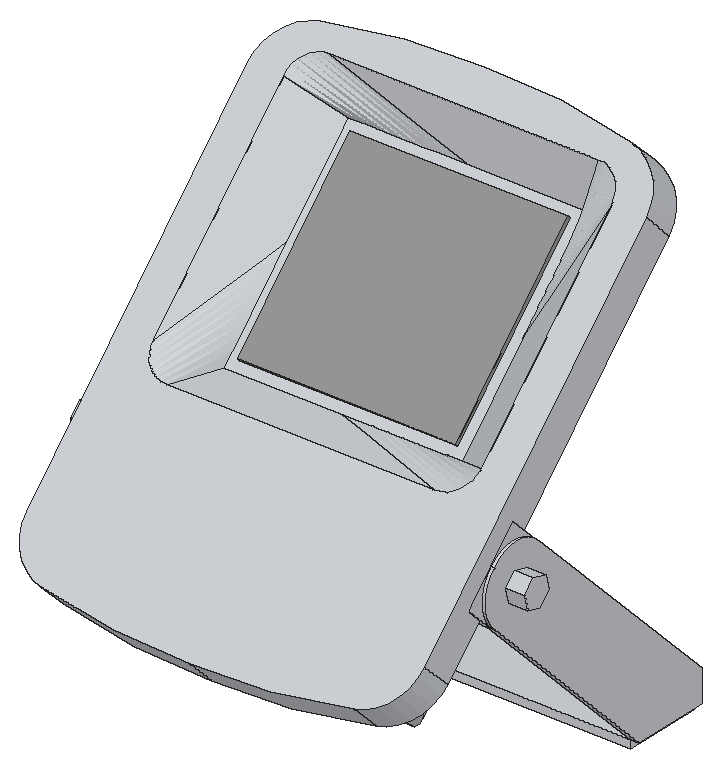
Revit family "0056701", category Generic Models, host Face, Revit 2018
Family settings
  Host = Face
  Can host rebar = No
  Round Connector Dimension = Use Diameter
  Part Type = Normal
  OmniClass Number = 23.80.70.00
  OmniClass Title = Lighting
  Cut with Voids When Loaded = No
  Shared = No
  Room Calculation Point = No
Parameters (values of type "Type Name")
  bracket length = 203 mm
  Width = 40 mm
  URL = "http://www.sylvania-lighting.com"
  Type Image = <None>
  Type Comments = "n/a"
  Material_3_SYL = none
  Model = ""
  Manufacturer = "Feilo Sylvania"
  Length = 231 mm
  Keynote = ""
  Material_2_SYL = none
  Description = ""
  Default Elevation = 1219.2 mm
  Cost = 0
  Material_1_SYL = none
  Assembly Code = ""
  Material_4_SYL = none
Reference planes
  plane 1 "Center (Front/Back)": y = 0
  plane 2: z = 0
  plane 3 "Center (Left/Right)": x = 0
  plane 4: y = 20
  plane 5: y = -20
  plane 6: x = -115.5
  plane 7: x = 115.5
  plane 8: y = 46
  plane 9: z = 200
  plane 10: through (0, -20, 4) normal (0, 0.7071, 0.7071)
  plane 11: through (0, 28.284, 12.284) normal (0, 0.7071, 0.7071)
  plane 12: z = 180
  plane 13: through (0, 7.834, 4.45) normal (0, 0.7071, 0.7071)
  plane 14: through (0, -70.356, 137.359) normal (0, -0.7071, 0.7071)
  plane 15: z = 126
  plane 16: z = 110
  plane 17: through (0, -97.716, 110) normal (0, -0.7071, 0.7071)
  plane 18: through (0, -86.18, 149.82) normal (0, -0.7071, 0.7071)
  plane 19: x = -101.5
  plane 20: x = 101.5
Forms (mm)
  Extrusion 1, solid, detail levels medium+fine
    sketch origin (0, 0, 0) x (1, 0, 0) y (0, 1, 0)
      loop
        line (-97.548, 20) -> (-97.548, -20) -> (101.491, -20) -> (101.491, 20) -> (-97.548, 20)
    from 0 to 4
  Extrusion 2, solid, detail levels medium+fine
    sketch origin (25.482, 1524, 1219.2) x (0, 1, 0) y (0, 0, 1)
      loop
        arc (-1607.574, -1095.058) -> (-1621.716, -1089.2) -> (-1635.858, -1095.058) r 20
        arc (-1635.858, -1095.058) -> (-1641.716, -1109.2) -> (-1635.858, -1123.342) r 20
        line (-1635.858, -1123.342) -> (-1544, -1215.2) -> (-1504, -1215.2) -> (-1504, -1198.631) -> (-1607.574, -1095.058)
    from -123.03 to -126.982
  Extrusion 3, solid, detail levels fine
    sketch origin (-37.5, 1594, 1149.2) x (0, 1, 0) y (0, 0, 1)
      loop
        line (-1686.059, -1033.543) -> (-1693.786, -1031.473) -> (-1699.443, -1037.129) -> (-1697.373, -1044.857) -> (-1689.645, -1046.927) -> (-1683.988, -1041.271) -> (-1686.059, -1033.543)
    from -78 to -64
  Revolve 4, solid, detail levels medium
    sketch origin (1528.249, -97.584, 1149.178) x (1, 0, 0) y (0, 0, 1)
      loop
        line (-1426.757, -1019.2) -> (-1428.444, -1019.2) -> (-1428.444, -1039.2) -> (-1426.757, -1039.2) -> (-1426.757, -1019.2)
      axis (-1428.444, -1039.2) -> (-1426.757, -1039.2)
    angle from 44.553 to 224.921
  Extrusion 5, solid, detail levels medium+fine
    sketch origin (319, 1524, 1219.2) x (0, 1, 0) y (0, 0, 1)
      loop
        arc (-1607.574, -1095.058) -> (-1621.716, -1089.2) -> (-1635.858, -1095.058) r 20
        arc (-1635.858, -1095.058) -> (-1641.716, -1109.2) -> (-1635.858, -1123.342) r 20
        line (-1635.858, -1123.342) -> (-1544, -1215.2) -> (-1504, -1215.2) -> (-1504, -1198.631) -> (-1607.574, -1095.058)
    from -217.509 to -213.509
  Extrusion 6, solid, detail levels fine
    sketch origin (286.5, 1594, 1149.2) x (0, 1, 0) y (0, 0, 1)
      loop
        line (-1686.059, -1033.543) -> (-1693.786, -1031.473) -> (-1699.443, -1037.129) -> (-1697.373, -1044.857) -> (-1689.645, -1046.927) -> (-1683.988, -1041.271) -> (-1686.059, -1033.543)
    from -181.009 to -171
  Extrusion 7, solid, detail levels coarse
    sketch origin (0, 0, 0) x (1, 0, 0) y (0, 1, 0)
      loop
        line (-115.5, 20) -> (-115.5, -117.774) -> (115.5, -117.774) -> (115.5, 20) -> (-115.5, 20)
    from 0 to 129.969
Dimensions and locks
  "Width": plane 4 to plane 5
  equal spacing: plane 4, plane 1 "Center (Front/Back)", plane 5
  "Length": plane 6 to plane 7
  equal spacing: plane 6, plane 3 "Center (Left/Right)", plane 7
  "bracket length": plane 19 to plane 20
  equal spacing: plane 19, plane 3 "Center (Left/Right)", plane 20
  aligned and locked: plane 2 to host face
  aligned and locked: level to host face
Automatic sketch dimensions
  host sketch curve to host sketch curve = 2438.4 mm  (x2)
  Extrusion 1 sketch curve to plane 5 = 0 mm
  plane 6 to Extrusion 1 sketch curve = 17.952 mm
  Extrusion 1 sketch curve to plane 7 = 14.009 mm
  Extrusion 1 sketch curve to plane 4 = 0 mm
  Extrusion 2 sketch curve to Extrusion 2 sketch curve = 0 mm  (x2)
  Extrusion 2 sketch curve to plane 10 = 0 mm  (x2)
  Extrusion 2 sketch curve to plane 14 = 0 mm  (x2)
  Extrusion 2 sketch curve to plane 13 = 0 mm  (x2)
  Extrusion 2 sketch curve to plane 18 = 0 mm
  Extrusion 2 sketch curve to plane 5 = 0 mm
  Extrusion 2 sketch curve to plane 4 = 0 mm
  Extrusion 2 sketch curve to plane 11 = 0 mm
  Extrusion 3 sketch curve to plane 14 = 0 mm  (x2)
  plane 16 to Extrusion 3 sketch curve = 2.071 mm
  Extrusion 3 sketch curve to plane 5 = 85.443 mm
  Extrusion 3 sketch curve to plane 16 = 5.657 mm
  plane 16 to Extrusion 3 sketch curve = 7.727 mm
  Extrusion 3 sketch curve to Extrusion 3 sketch curve = 5.657 mm
  Extrusion 3 sketch curve to plane 16 = 7.727 mm
  Extrusion 3 sketch curve to Extrusion 3 sketch curve = 7.727 mm
  plane 16 to Extrusion 3 sketch curve = 5.657 mm
  Extrusion 3 sketch curve to plane 16 = 2.071 mm
  Extrusion 3 sketch curve to Extrusion 3 sketch curve = 2.071 mm
  Revolve 4 sketch curve to plane 7 = 15.696 mm
  Revolve 4 sketch curve to Revolve 4 sketch curve = 1.687 mm
  Revolve 4 sketch curve to plane 12 = 70.022 mm  (x2)
  Revolve 4 sketch curve to plane 9 = 70.022 mm
  Revolve 4 sketch curve to Revolve 4 sketch curve = 8.585 mm
  plane 7 to Revolve 4 sketch curve = 24.576 mm
  Extrusion 5 sketch curve to Extrusion 5 sketch curve = 0 mm  (x2)
  Extrusion 5 sketch curve to plane 10 = 0 mm  (x2)
  Extrusion 5 sketch curve to plane 14 = 0 mm  (x2)
  Extrusion 5 sketch curve to plane 13 = 0 mm  (x2)
  Extrusion 5 sketch curve to plane 18 = 0 mm
  Extrusion 5 sketch curve to plane 5 = 0 mm
  Extrusion 5 sketch curve to plane 4 = 0 mm
  Extrusion 5 sketch curve to plane 11 = 0 mm
  Extrusion 6 sketch curve to plane 14 = 0 mm  (x2)
  plane 16 to Extrusion 6 sketch curve = 2.071 mm
  Extrusion 6 sketch curve to plane 5 = 85.443 mm
  Extrusion 6 sketch curve to plane 16 = 5.657 mm
  plane 16 to Extrusion 6 sketch curve = 7.727 mm
  Extrusion 6 sketch curve to Extrusion 6 sketch curve = 5.657 mm
  Extrusion 6 sketch curve to plane 16 = 7.727 mm
  Extrusion 6 sketch curve to Extrusion 6 sketch curve = 7.727 mm
  plane 16 to Extrusion 6 sketch curve = 5.657 mm
  Extrusion 6 sketch curve to plane 16 = 2.071 mm
  Extrusion 6 sketch curve to Extrusion 6 sketch curve = 2.071 mm
  plane 6 to Extrusion 7 sketch curve = 0 mm
  Extrusion 7 sketch curve to plane 7 = 0 mm
  Extrusion 7 sketch curve to plane 4 = 0 mm
  Extrusion 7 sketch curve to plane 5 = 97.774 mm
Nested families
  nested 1: "56701 head" at (1.995, -61.619, 146.508) x (-1, 0, 0) z (0, -0.7126, 0.7016), type "0056701 KALANI IP66 7KLM 830 ASYM"
    with built-in parameter 1114216 (empty or 0)
Definition of nested family "56701 head"
  Parameters (values of type "0056701 KALANI IP66 7KLM 830 ASYM")
    length = 267 mm
    height = 68 mm
    Width = 203 mm
    Wattage Comments = "n/a"
    Wattage = 9.2903 W
    built-in parameter 1150110 = 1 (stored number, unit not read)
    URL = "0.95"
    Type Image = (empty or 0)
    Type Comments = "n/a"
    built-in parameter 1114217 = 1 (stored number, unit not read)
    Tilt Angle = 90.00°
    built-in parameter 1150109 = 1 (stored number, unit not read)
    built-in parameter 1150134 = 3
    built-in parameter 1150113 = 1 (stored number, unit not read)
    Photometric Web File = "0056701.IES"
    Material_3_SYL = none
    Model = "Kalani IP66 7KLM 830 ASYM"
    Manufacturer = ""
    built-in parameter 1150105 = 109.82 (stored number, unit not read)
    Lumens = 1380 lm
    built-in parameter 1150115 = 1 (stored number, unit not read)
    built-in parameter 1150137 = (empty or 0)
    built-in parameter 1150139 = (empty or 0)
    built-in parameter 1150112 = 1 (stored number, unit not read)
    built-in parameter 1150114 = 1 (stored number, unit not read)
    Lamp = "n/a"
    Keynote = "n/a"
    Material_2_SYL = none
    built-in parameter 1150132 = (empty or 0)
    built-in parameter 1150102 = (empty or 0)
    built-in parameter 1150107 = 3200 (stored number, unit not read)
    built-in parameter 1150138 = (empty or 0)
    built-in parameter 1150106 = 1.0982 (stored number, unit not read)
    Emit from Circle Diameter = 609.6 mm
    Emit Shape Visible in Rendering = no
    built-in parameter 1150104 = 13.8 (stored number, unit not read)
    Dimming Lamp Color Temperature Shift = (empty or 0)
    Description = "Exterior LED Floodlight, comes complete with 1000mm flying lead and adjustable bracket, aluminium housing, clear glass diffuser, IP66, IK08, Class I, 3000K, CRI80, Non-dimmable, 6900lm, 51W, 135lm/W, Asymmetrical Wide beam, 100.000hrs L70B50 lifespan, 330 x 231 x 68mm (LxWxD) dimensions, 2.1kg weight, RAL9017 Traffic Black color."
    Default Elevation = 1219.2 mm
    Cost = 0
    Color Filter = 16777215
    built-in parameter 1114216 [instance] = (empty or 0)
    Material_1_SYL = none
    built-in parameter 1114218 = 1 (stored number, unit not read)
    built-in parameter 1150133 = 10 (stored number, unit not read)
    Assembly Code = "D5020200"
    Apparent Load = 51 VA
    Material_4_SYL = none
  Reference planes
    plane 1 "Center (Front/Back)": y = 0
    plane 2: z = 0
    plane 3 "Center (Left/Right)": x = 0
    plane 4: z = 30
    plane 5: x = -101.5
    plane 6: x = 101.5
    plane 7: y = 133.5
    plane 8: y = -133.5
    plane 9: y = 126.5
    plane 10: x = -79.5
    plane 11: y = 100.5
    plane 12: z = -38
    plane 13: y = 115.5
    plane 14: x = -83.5
    plane 15: x = 83.5
    plane 16: x = -68.5
    plane 17: z = -17.627
    plane 18: z = -29.097
    plane 19: x = 79.5
    plane 20: x = -32.747
    plane 21: x = 32.7
    plane 22: y = -115.5
    plane 23: x = 83.5
    plane 24: x = -83.5
    plane 25: y = 32.5
    plane 26: y = 14.5
    plane 27: x = -60.5
    plane 28: x = 60.5
    plane 29: y = -97.5
    plane 30: y = 17.5
    plane 31: y = -41.5
    plane 32: y = 9.5
    plane 33: x = -55.5
    plane 34: x = 55.5
    plane 35: y = -92.5
    plane 36: z = 20
    plane 37: y = 51.5
    plane 38: y = 71.5
    plane 39: y = 31.5
    plane 40: z = -18
  Forms (mm)
    Extrusion 1, solid
      sketch origin (4.2, 0, 0) x (1, 0, 0) y (0, 1, 0)
        loop
          line (-1219.2, 1219.2) -> (-1219.2, -1219.2) -> (1219.2, -1219.2) -> (1219.2, 1219.2) -> (-1219.2, 1219.2)
      from 0 to -68.017
    Extrusion 2, solid, detail levels medium+fine
      sketch origin (0, 0, 0) x (1, 0, 0) y (0, 1, 0)
        loop
          arc (0, 133.5) -> (-39.943, 132.193) -> (-79.5, 126.5) r 362.813
          arc (-79.5, 126.5) -> (-95.029, 117.332) -> (-101.5, 100.5) r 27.406
          line (-101.5, 100.5) -> (-101.5, -100.5)
          arc (-101.5, -100.5) -> (-95.029, -117.332) -> (-79.5, -126.5) r 27.406
          arc (-79.5, -126.5) -> (-39.943, -132.193) -> (0, -133.5) r 362.813
          arc (0, -133.5) -> (39.943, -132.193) -> (79.5, -126.5) r 362.813
          arc (79.5, -126.5) -> (95.029, -117.332) -> (101.5, -100.5) r 27.406
          line (101.5, -100.5) -> (101.5, 100.5)
          arc (101.5, 100.5) -> (95.029, 117.332) -> (79.5, 126.5) r 27.406
          arc (79.5, 126.5) -> (39.943, 132.193) -> (0, 133.5) r 362.813
      from 30 to 10
    Extrusion 3, solid
      sketch origin (0, 0, 0) x (1, 0, 0) y (0, 1, 0)
        loop
          line (-83.5, 100.5) -> (-83.5, 0.341) -> (-83.5, -99.817)
          arc (-83.5, -99.817) -> (-79.107, -110.424) -> (-68.5, -114.817) r 15
          line (-68.5, -114.817) -> (0, -114.817) -> (68.5, -114.817)
          arc (68.5, -114.817) -> (79.107, -110.424) -> (83.5, -99.817) r 15
          line (83.5, -99.817) -> (83.5, 0.341) -> (83.5, 100.5)
          arc (83.5, 100.5) -> (79.107, 111.107) -> (68.5, 115.5) r 15
          line (68.5, 115.5) -> (0, 115.5) -> (-68.5, 115.5)
          arc (-68.5, 115.5) -> (-79.107, 111.107) -> (-83.5, 100.5) r 15
      from -38 to 10
    Extrusion 4, void, detail levels medium+fine
      sketch origin (0, 0, 0) x (0, 1, 0) y (0, 0, 1)
        loop
          line (-114.817, 10) -> (-119.5, 10) -> (-119.5, -45) -> (120.5, -45) -> (120.5, 10) -> (115.5, 10) -> (115.5, -23)
          arc (115.5, -23) -> (111.107, -33.607) -> (100.5, -38) r 15
          arc (100.5, -38) -> (7.342, -26.72) -> (-84.506, -7.5) r 1094.362
          arc (-84.506, -7.5) -> (-100.87, -0.843) -> (-114.817, 10) r 64.575
      from -96.169 to 98.305
    Extrusion 5, void
      sketch origin (0, 0, 0) x (1, 0, 0) y (0, 0, 1)
        loop
          arc (-68.5, -29.076) -> (-76.864, -21.997) -> (-81.364, -12.005) r 24.817
          arc (-81.364, -12.005) -> (-83.004, -1.058) -> (-83.5, 10) r 106.706
          line (-83.5, 10) -> (-88.5, 10) -> (-88.5, -42.228) -> (-32.747, -42.228) -> (-32.747, -38)
          arc (-32.747, -38) -> (-51.151, -35.65) -> (-68.5, -29.076) r 79.063
      from -197.298 to 143.969
    Extrusion 6, void
      sketch origin (0, 0, 0) x (1, 0, 0) y (0, 0, 1)
        loop
          line (32.7, -38) -> (32.7, -42.67) -> (88.5, -42.67) -> (88.5, 10) -> (83.5, 10)
          arc (83.5, 10) -> (82.642, -3.979) -> (79.5, -17.627) r 84.98
          arc (79.5, -17.627) -> (74.94, -24.255) -> (68.5, -29.076) r 24.816
          arc (68.5, -29.076) -> (51.128, -35.656) -> (32.7, -38) r 79.067
      from -197.298 to 143.969
    Blend 7, void
      base sketch origin (0, 0, 0) x (1, 0, 0) y (0, 1, 0)
        loop
          line (-83.5, 17.5) -> (-83.5, -100.5)
          arc (-83.5, -100.5) -> (-79.107, -111.107) -> (-68.5, -115.5) r 15
          line (-68.5, -115.5) -> (68.5, -115.5)
          arc (68.5, -115.5) -> (79.107, -111.107) -> (83.5, -100.5) r 15
          line (83.5, -100.5) -> (83.5, 17.5)
          arc (83.5, 17.5) -> (79.107, 28.107) -> (68.5, 32.5) r 15
          line (68.5, 32.5) -> (-68.5, 32.5)
          arc (-68.5, 32.5) -> (-79.107, 28.107) -> (-83.5, 17.5) r 15
      top sketch origin (0, 0, 0) x (1, 0, 0) y (0, 1, 0)
        loop
          line (-60.5, 14.5) -> (-60.5, -41.5) -> (-60.5, -97.5) -> (0, -97.5) -> (60.5, -97.5) -> (60.5, -41.5) -> (60.5, 14.5) -> (0, 14.5) -> (-60.5, 14.5)
      from 30 to 10
    Extrusion 8, solid, detail levels fine
      sketch origin (0, 0, 0) x (1, 0, 0) y (0, 1, 0)
        loop
          line (-55.5, 9.5) -> (-55.5, -92.5) -> (55.5, -92.5) -> (55.5, 9.5) -> (-55.5, 9.5)
      from 10 to 12
    Extrusion 9, solid, detail levels medium+fine
      sketch origin (0, 0, 0) x (0, 1, 0) y (0, 0, 1)
        loop
          arc (31.5, 0) -> (37.824, -13.084) -> (51.5, -18) r 19.219
          arc (51.5, -18) -> (64.735, -12.595) -> (71.5, 0) r 21.131
          line (71.5, 0) -> (71.5, 20) -> (31.5, 20) -> (31.5, 0)
      from 101.5 to 97.5
    Extrusion 10, solid
      sketch origin (0, 0, 0) x (0, 1, 0) y (0, 0, 1)
        loop
          arc (43.5, 0) -> (45.843, -5.657) -> (51.5, -8) r 8
          arc (51.5, -8) -> (57.157, -5.657) -> (59.5, 0) r 8
          line (59.5, 0) -> (59.5, 20) -> (43.5, 20) -> (43.5, 0)
      from 79.5 to 97.5
    Extrusion 11, solid, detail levels medium+fine
      sketch origin (0, 0, 0) x (0, 1, 0) y (0, 0, -1)
        loop
          line (31.5, 0) -> (31.5, -20) -> (71.5, -20) -> (71.5, 0)
          arc (71.5, 0) -> (64.735, 12.595) -> (51.5, 18) r 21.131
          arc (51.5, 18) -> (37.824, 13.084) -> (31.5, 0) r 19.219
      from 101.5 to 97.5
    Extrusion 12, solid
      sketch origin (0, 0, 0) x (0, 1, 0) y (0, 0, -1)
        loop
          line (43.5, 0) -> (43.5, -20) -> (59.5, -20) -> (59.5, 0)
          arc (59.5, 0) -> (57.157, 5.657) -> (51.5, 8) r 8
          arc (51.5, 8) -> (45.843, 5.657) -> (43.5, 0) r 8
      from 79.5 to 97.5
    Extrusion 13, solid, detail levels coarse
      sketch origin (1524, -324.9, 1219.2) x (1, 0, 0) y (0, 0, 1)
        loop
          line (-1422.5, -1189.2) -> (-1625.5, -1189.2) -> (-1625.5, -1257.2) -> (-1422.5, -1257.2) -> (-1422.5, -1189.2)
      from -458.4 to -191.4
  Cuts and joins
    Extrusion 4, Extrusion 5, Extrusion 6, Blend 7 cuts Extrusion 2
    Extrusion 4, Extrusion 5, Extrusion 6 cuts Extrusion 3
  Dimensions and locks
    "Width": plane 5 to plane 6
    equal spacing: plane 5, plane 3 "Center (Left/Right)", plane 6
    "length": plane 7 to plane 8
    equal spacing: plane 7, plane 1 "Center (Front/Back)", plane 8
    "height": plane 4 to plane 12
    aligned and locked: plane 2 to Extrusion 1
    aligned and locked: level to Extrusion 1
  Automatic sketch dimensions
    Extrusion 1 sketch curve to Extrusion 1 sketch curve = 2438.4 mm  (x2)
    Extrusion 2 sketch curve to plane 5 = 0 mm
    Extrusion 2 sketch curve to plane 10 = 0 mm  (x3)
    Extrusion 2 sketch curve to plane 9 = 0 mm  (x4)
    Extrusion 2 sketch curve to plane 3 "Center (Left/Right)" = 0 mm  (x2)
    Extrusion 2 sketch curve to plane 19 = 0 mm  (x3)
    Extrusion 2 sketch curve to plane 6 = 0 mm
    Extrusion 2 sketch curve to plane 8 = 0 mm
    plane 11 to Extrusion 2 sketch curve = 0 mm
    Extrusion 2 sketch curve to plane 11 = 0 mm
    Extrusion 2 sketch curve to plane 7 = 0 mm
    plane 10 to Extrusion 2 sketch curve = 5.392 mm
    Extrusion 2 sketch curve to Extrusion 2 sketch curve = 5.392 mm  (x2)
    Extrusion 2 sketch curve to plane 3 "Center (Left/Right)" = 8.12 mm
    plane 3 "Center (Left/Right)" to Extrusion 2 sketch curve = 8.12 mm  (x2)
    Extrusion 2 sketch curve to plane 29 = 3 mm  (x2)
    Extrusion 3 sketch curve to plane 11 = 0 mm
    Extrusion 3 sketch curve to plane 14 = 0 mm
    Extrusion 3 sketch curve to plane 13 = 0 mm
    Extrusion 3 sketch curve to plane 16 = 0 mm
    Extrusion 3 sketch curve to plane 3 "Center (Left/Right)" = 0 mm  (x2)
    plane 11 to Extrusion 3 sketch curve = 0 mm
    Extrusion 3 sketch curve to plane 15 = 0 mm
    plane 22 to Extrusion 3 sketch curve = 0.683 mm
    plane 28 to Extrusion 3 sketch curve = 8 mm
    Extrusion 3 sketch curve to plane 1 "Center (Front/Back)" = 0.341 mm  (x2)
    Extrusion 4 sketch curve to plane 11 = 0 mm
    Extrusion 4 sketch curve to plane 13 = 0 mm
    Extrusion 4 sketch curve to plane 12 = 0 mm
    plane 35 to Extrusion 4 sketch curve = 23.917 mm
    plane 22 to Extrusion 4 sketch curve = 0.683 mm
    Extrusion 4 sketch curve to plane 22 = 4 mm
    Extrusion 4 sketch curve to Extrusion 4 sketch curve = 5 mm
    plane 7 to Extrusion 4 sketch curve = 51.855 mm
    Extrusion 4 sketch curve to plane 12 = 7 mm
    level to Extrusion 4 sketch curve = 10 mm  (x2)
    plane 4 to Extrusion 4 sketch curve = 25.081 mm
    plane 4 to Extrusion 4 sketch curve = 1023.067 mm
    Extrusion 5 sketch curve to plane 14 = 0 mm
    Extrusion 5 sketch curve to plane 16 = 0 mm  (x2)
    plane 20 to Extrusion 5 sketch curve = 0 mm
    Extrusion 5 sketch curve to plane 14 = 5 mm
    Extrusion 5 sketch curve to plane 33 = 1.545 mm
    Extrusion 5 sketch curve to plane 20 = 0.741 mm
    Extrusion 5 sketch curve to plane 21 = 9.496 mm
    Extrusion 5 sketch curve to plane 12 = 4.228 mm
    plane 12 to Extrusion 5 sketch curve = 0 mm
    Extrusion 5 sketch curve to level = 7.062 mm
    level to Extrusion 5 sketch curve = 9.251 mm
    level to Extrusion 5 sketch curve = 10 mm
    Extrusion 6 sketch curve to plane 21 = 0 mm
    Extrusion 6 sketch curve to plane 17 = 0 mm
    Extrusion 6 sketch curve to plane 19 = 0 mm
    Extrusion 6 sketch curve to plane 15 = 0 mm
    Extrusion 6 sketch curve to plane 21 = 0.697 mm
    Extrusion 6 sketch curve to plane 3 "Center (Left/Right)" = 1.461 mm
    plane 34 to Extrusion 6 sketch curve = 1.545 mm
    plane 15 to Extrusion 6 sketch curve = 5 mm
    Extrusion 6 sketch curve to plane 12 = 0 mm
    Extrusion 6 sketch curve to Extrusion 6 sketch curve = 4.67 mm
    Extrusion 6 sketch curve to level = 7.062 mm
    level to Extrusion 6 sketch curve = 8.198 mm
    plane 4 to Extrusion 6 sketch curve = 11.064 mm
    Blend 7 sketch curve to plane 14 = 0 mm
    Blend 7 sketch curve to plane 16 = 0 mm  (x2)
    Blend 7 sketch curve to plane 22 = 0 mm
    Blend 7 sketch curve to plane 25 = 0 mm
    plane 30 to Blend 7 sketch curve = 0 mm
    Blend 7 sketch curve to plane 15 = 0 mm
    Blend 7 sketch curve to plane 29 = 3 mm
    Blend 7 sketch curve to plane 26 = 0 mm
    Blend 7 sketch curve to plane 27 = 0 mm
    Blend 7 sketch curve to plane 3 "Center (Left/Right)" = 0 mm  (x2)
    Blend 7 sketch curve to plane 28 = 0 mm
    Blend 7 sketch curve to plane 29 = 0 mm
    Blend 7 sketch curve to plane 31 = 0 mm  (x2)
    Extrusion 8 sketch curve to plane 33 = 0 mm
    Extrusion 8 sketch curve to plane 34 = 0 mm
    Extrusion 8 sketch curve to plane 35 = 0 mm
    Extrusion 8 sketch curve to plane 32 = 0 mm
    Extrusion 9 sketch curve to level = 0 mm  (x2)
    Extrusion 9 sketch curve to plane 39 = 0 mm
    Extrusion 9 sketch curve to plane 37 = 0 mm  (x2)
    plane 36 to Extrusion 9 sketch curve = 0 mm
    Extrusion 9 sketch curve to plane 38 = 0 mm
    Extrusion 9 sketch curve to plane 40 = 0 mm
    Extrusion 9 sketch curve to plane 37 = 0.9 mm
    Extrusion 10 sketch curve to Extrusion 10 sketch curve = 0 mm  (x2)
    Extrusion 10 sketch curve to plane 36 = 0 mm
    Extrusion 10 sketch curve to level = 0 mm
    Extrusion 10 sketch curve to plane 37 = 0 mm
    Extrusion 10 sketch curve to plane 37 = 8 mm
    Extrusion 11 sketch curve to level = 0 mm  (x2)
    Extrusion 11 sketch curve to plane 39 = 0 mm
    Extrusion 11 sketch curve to plane 37 = 0 mm  (x2)
    plane 36 to Extrusion 11 sketch curve = 0 mm
    Extrusion 11 sketch curve to plane 38 = 0 mm
    Extrusion 11 sketch curve to plane 40 = 0 mm
    Extrusion 11 sketch curve to plane 37 = 0.9 mm
    Extrusion 12 sketch curve to Extrusion 12 sketch curve = 0 mm  (x2)
    plane 36 to Extrusion 12 sketch curve = 0 mm
    Extrusion 12 sketch curve to level = 0 mm
    Extrusion 12 sketch curve to plane 37 = 0 mm
    Extrusion 12 sketch curve to plane 37 = 8 mm
    Extrusion 13 sketch curve to plane 4 = 0 mm
    Extrusion 13 sketch curve to plane 5 = 0 mm
    Extrusion 13 sketch curve to plane 6 = 0 mm
    Extrusion 13 sketch curve to plane 12 = 0 mm
  Connectors
    electrical at (0, 0, 0), driven by "Apparent Load"
      settings: index 1, voltage 230 V, apparent load 51 VA, apparent load phase1 0 VA, apparent load phase2 0 VA, apparent load phase3 0 VA, power factor 0, load classification none, number of poles 1, system type 30, power factor state 1, is connector primary yes, connector utility no, sub classification motor no, connector description ""
